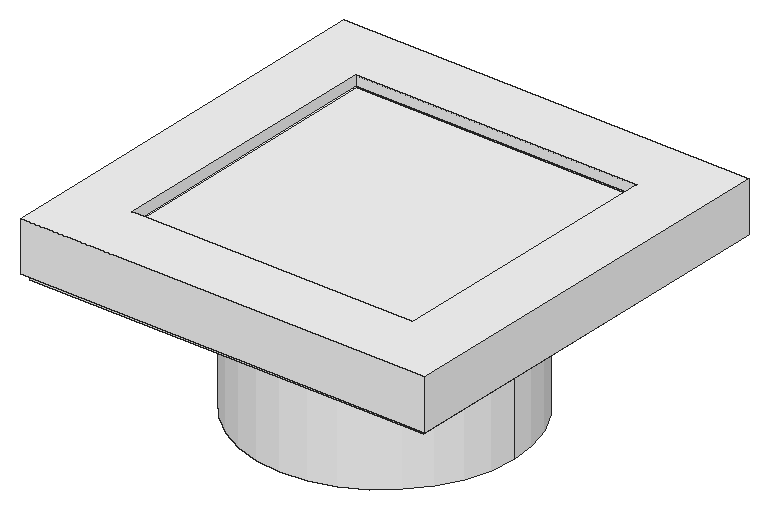
Revit family "Gira_0136005", category Electrical Fixtures, host Face, Revit 2017
Family settings
  Host = Face
  Maintain Annotation Orientation = Yes
  Round Connector Dimension = Use Diameter
  Part Type = Normal
  Cut with Voids When Loaded = No
  Shared = No
  Room Calculation Point = No
Parameters (values of type "Tast-Kontroll AusWe System 55 Schwarz m")
  Zusammenstellung = "Basiselement mit zentraler Abdeckplatte"
  White [instance] = White
  Werkstoffgüte = "sonstige"
  Werkstoff = "sonstige"
  Waschmaschinenschalter = "No"
  URL = "http://katalog.gira.de/de_DE/datenblatt.html?artikelnr=0136005"
  Textfeld/Beschriftungsfläche = "nein"
  Tastschalter = "Yes"
  Schaltungsart = "Wechselschalter"
  Rückmeldekontakt = "No"
  Region = "DE"
  Oberfläche = "sonstige"
  Nennspannung = "250 Volt"
  Name = "Tast-Kontroll AusWe System 55 Schwarz m"
  Montageart = "unter Putz"
  Model = "Sys55_Komplettgerät_Schalten und Tasten"
  Mit Montageplatte = "No"
  Manufacturer URL = "https://www.gira.de/"
  HeinzeBIM = "https://bimportal.heinze.de/bim/tast-kontroll-auswe-system-55-schwarz-m/3d82de511a8cd2216bdfe59f043e2969c0a4b08f"
  Halogenfrei = "No"
  HAN = "0136005"
  Geeignet für Schutzart (IP) = "IP20"
  GTIN = "4010337037941"
  Farbe = "schwarz"
  Default Elevation = 1219.2 mm
  Data sheet (1) = "https://katalog.gira.de/de_DE/download.html?artikelnr=0136005"
  Category = "Installationsschalter"
  Bemessungsstrom = "10 Ampere"
  Beleuchtungsfunktion = "beleuchtet wenn eingeschaltet"
  Beleuchtungsart = "Glimmlampe"
  Beleuchtung = "ja"
  Befestigungsart = "Krallen-/Schraubbefestigung"
  Bedienungsart = "Wippe/Taste"
  Available = "Yes"
  Ausführung der Oberfläche = "matt"
  Anzahl der Module (bei Modulbauweise) = "1 "
  Anzahl der Betätigungswippen = "1 "
  Anschlussart = "Steckklemme"
Reference planes
  plane 1 "Center (Front/Back)": y = 0
  plane 2: z = 0
  plane 3 "Center (Left/Right)": x = 0
Forms (mm)
  Extrusion 1, solid, material "White" <- "White", detail levels medium
    sketch origin (0, 0, 0) x (1, 0, 0) y (0, 1, 0)
      loop
        line (-40.4, 40.4) -> (-40.4, -40.4) -> (40.4, -40.4) -> (40.4, 40.4) -> (-40.4, 40.4)
      loop
        line (-28, 28) -> (-28, -28) -> (28, -28) -> (28, 28) -> (-28, 28)
    from 0 to 10
  Extrusion 2, solid, material "White" <- "White", detail levels fine
    sketch origin (0, 0, 0) x (1, 0, 0) y (0, 1, 0)
      loop
        line (-40.4, 40.4) -> (-40.4, -40.4) -> (40.4, -40.4) -> (40.4, 40.4) -> (-40.4, 40.4)
      loop
        line (-28, 28) -> (-28, -28) -> (28, -28) -> (28, 28) -> (-28, 28)
    from 0 to 10
  Extrusion 3, void
    sketch origin (0, 0, 0) x (1, 0, 0) y (0, 1, 0)
      loop
        line (-38.4, 38.4) -> (-38.4, -38.4) -> (38.4, -38.4) -> (38.4, 38.4) -> (-38.4, 38.4)
    from 0 to 8
  Extrusion 4, solid, material "White" <- "White", detail levels medium+fine
    sketch origin (0, 0, 0) x (1, 0, 0) y (0, 1, 0)
      loop
        line (-39.4, 39.4) -> (-39.4, -39.4) -> (39.4, -39.4) -> (39.4, 39.4) -> (-39.4, 39.4)
    from 0 to -1
  Extrusion 5, solid, material "White" <- "White", detail levels medium+fine
    sketch origin (0, 0, 0) x (1, 0, 0) y (0, 1, 0)
      loop
        line (-35.5, 35.5) -> (-35.5, -35.5) -> (35.5, -35.5) -> (35.5, 35.5) -> (-35.5, 35.5)
    from -2 to -3
  Extrusion 6, solid, material "White" <- "White", detail levels medium+fine
    sketch origin (0, 0, 0) x (1, 0, 0) y (0, 1, 0)
      loop
        circle (0, 0) r 26
    from 0 to -27.5
  Extrusion 7, solid, material "White" <- "White", detail levels coarse
    sketch origin (0, 0, 0) x (1, 0, 0) y (0, 1, 0)
      loop
        line (-40.4, 40.4) -> (-40.4, -40.4) -> (40.4, -40.4) -> (40.4, 40.4) -> (-40.4, 40.4)
    from -27.5 to 10
Cuts and joins
  Extrusion 3 cuts Extrusion 2
Dimensions and locks
  aligned and locked: plane 2 to host face
  aligned and locked: level to host face
  aligned and locked: plane 3 "Center (Left/Right)" to nested 2
  aligned and locked: plane 1 "Center (Front/Back)" to nested 2
Nested families
  nested 1: "Sys55_Abdeckung_Schalten und Tasten_floor_base" at (0, 0, 0), type "Sys55_Abdeckung_Schalten und Tasten_floor_base"
  nested 2: "Schalter" at (0, 0, 0), type "Schalter"
Connectors
  electrical at (0, 0, -27.5)
    settings: on Extrusion 6, index 1, voltage 220 V, apparent load 0 VA, apparent load phase1 0 VA, apparent load phase2 0 VA, apparent load phase3 0 VA, power factor 1, load classification "Other", number of poles 1, system type 30, power factor state 1, is connector primary yes, connector utility no, sub classification motor no, connector description ""
Definition of nested family "Sys55_Abdeckung_Schalten und Tasten_floor_base"
  Parameters
    Default Elevation = 1219.2 mm
    White [instance] = none
  Reference planes
    plane 1 "Center (Front/Back)": y = 0
    plane 2: z = 0
    plane 3 "Center (Left/Right)": x = 0
  Forms (mm)
    Extrusion 1, solid
      sketch origin (0, 0, 0) x (1, 0, 0) y (0, 1, 0)
        loop
          line (-1219.2, 1219.2) -> (-1219.2, -1219.2) -> (1219.2, -1219.2) -> (1219.2, 1219.2) -> (-1219.2, 1219.2)
      from 0 to -304.8
    Extrusion 2, solid, material <- "White", detail levels fine
      sketch origin (0, 0, 0) x (1, 0, 0) y (0, 1, 0)
        loop
          line (-27.5, 27.5) -> (-27.5, -27.5) -> (27.5, -27.5) -> (27.5, 27.5) -> (-27.5, 27.5)
      from 0 to 8
    Extrusion 3, void
      sketch origin (0, 0, 0) x (1, 0, 0) y (0, 1, 0)
        loop
          line (26, 26) -> (-26, 26) -> (-26, -26) -> (26, -26) -> (26, 26)
      from 0 to 6
    Extrusion 4, solid, material <- "White", detail levels medium
      sketch origin (0, 0, 0) x (1, 0, 0) y (0, 1, 0)
        loop
          line (-27.5, 27.5) -> (-27.5, -27.5) -> (27.5, -27.5) -> (27.5, 27.5) -> (-27.5, 27.5)
      from 0 to 8
    Extrusion 5, solid, material <- "White", detail levels medium
      sketch origin (0, 0, 0) x (1, 0, 0) y (0, 1, 0)
        loop
          line (11, -17.5) -> (11, 17.5) -> (-11, 17.5) -> (-11, -17.5) -> (11, -17.5)
      from -6 to 6
    Extrusion 6, solid, material <- "White", detail levels fine
      sketch origin (0, 0, 0) x (1, 0, 0) y (0, 1, 0)
        loop
          line (11, 17.5) -> (-11, 17.5) -> (-11, 16.5) -> (11, 16.5) -> (11, 17.5)
        loop
          line (-11, -16.5) -> (-11, -17.5) -> (11, -17.5) -> (11, -16.5) -> (-11, -16.5)
      from -4 to 6
    Extrusion 7, solid, material <- "White", detail levels fine
      sketch origin (0, 0, 0) x (1, 0, 0) y (0, 1, 0)
        loop
          arc (5, 9.347) -> (0, 10.6) -> (-5, 9.347) r 10.6
          line (-5, 9.347) -> (-5, -9.347)
          arc (-5, -9.347) -> (0, -10.6) -> (5, -9.347) r 10.6
          line (5, -9.347) -> (5, 9.347)
      from -6 to 6
    Extrusion 8, solid, material <- "White", detail levels coarse
      sketch origin (0, 0, 0) x (1, 0, 0) y (0, 1, 0)
        loop
          line (-27.5, 27.5) -> (-27.5, -27.5) -> (27.5, -27.5) -> (27.5, 27.5) -> (-27.5, 27.5)
      from -6 to 8
  Cuts and joins
    Extrusion 3 cuts Extrusion 2
  Dimensions and locks
    aligned and locked: plane 2 to Extrusion 1
    aligned and locked: level to Extrusion 1
Definition of nested family "Schalter"
  Reference planes
    plane 1: y = 0
    plane 2: x = 0
  Lines and regions (mm)
    detail lines
      curve 1: circle (1.375, 2.778, 0) r 0.8 normal (0, 0, 1)
      curve 2: line (1.021, 2.061, 0) -> (0, 0, 0)
      curve 3: line (0, 0, 0) -> (-0.538, 0.266, 0)
  Dimensions and locks
    curve 2 to curve 2 = 2.3 mm
    curve 3 to curve 2 = 0.6 mm
    radius of curve 1 = 0.8 mm
